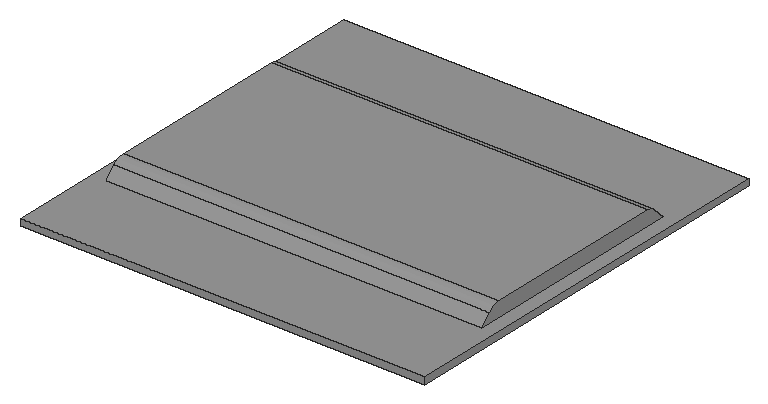
Revit family "IVLB_PML_LF_Flexcore 60x60_Plastic", category Lighting Fixtures, Revit 2019
Family settings
  Round Connector Dimension = Use Diameter
  Part Type = Normal
  OmniClass Number = 23.80.70.11.11
  OmniClass Title = General Luminaries, Non Directional
  Work Plane-Based = No
  Always vertical = Yes
  Cut with Voids When Loaded = No
  Light Source = Yes
  Shared = No
  Room Calculation Point = Yes
Parameters (values of type "60x60cm-26-39w-3600-5500lm-3000k-4000k-3cct-ph-sr-driver_6257515690254")
  Wattage Comments = "39W"
  Wattage = 37.0266 W
  built-in parameter 1150110 = 1 (stored number, unit not read)
  Voltage = 230 V
  URL = "https://www.pragmalux.com/"
  Type Comments = ""
  built-in parameter 1114217 = 1 (stored number, unit not read)
  Tilt Angle = 90.00°
  built-in parameter 1150109 = 1 (stored number, unit not read)
  built-in parameter 1150134 = 12
  Symbol_ToScale = yes
  Symbol_RealSize = not(Symbol_ToScale)  # no
  SymbolToScalel_Waterproof [instance] = no
  SymbolToScale_Emergency Lighting [instance] = no
  Switch Code [instance] = ""
  built-in parameter 1150113 = 1 (stored number, unit not read)
  Photometric Web File = "60x60cm-26-39w-3600-5500lm-3000k-4000k-3cct-ph-sr-driver_6257515690254.ies"
  Model = "Flexcore"
  Manufacturer = "Pragmalux - Distrilight"
  built-in parameter 1150105 = 437.68 (stored number, unit not read)
  Lumens = 5500 lm
  Luminaire_Body_Material = Select RGB value
  built-in parameter 1150115 = 1 (stored number, unit not read)
  Luminaire Code [instance] = ""
  Load Classification = Lighting
  built-in parameter 1150137 = (empty or 0)
  built-in parameter 1150139 = (empty or 0)
  built-in parameter 1150112 = 1 (stored number, unit not read)
  built-in parameter 1150114 = 1 (stored number, unit not read)
  Lamp = "LED"
  built-in parameter 1150132 = 2
  built-in parameter 1150102 = (empty or 0)
  built-in parameter 1150107 = 4000 (stored number, unit not read)
  built-in parameter 1150138 = (empty or 0)
  built-in parameter 1150106 = 4.3768 (stored number, unit not read)
  IfcExportType = "USERDEFINED"
  IfcExportAs = "IfcLightFixtureType"
  IP Value = "IP44"
  IK Value = "IK02"
  Emit from Rectangle Width = 595 mm
  Emit from Rectangle Length = 595 mm
  Emit Shape Visible in Rendering = no
  built-in parameter 1150104 = 13.8 (stored number, unit not read)
  Dimming Lamp Color Temperature Shift = <None>
  Description = "Recessed"
  Content Creator = "www.ivlibrary.com"
  Color Filter = 16777215
  built-in parameter 1114218 = 1 (stored number, unit not read)
  built-in parameter 1150133 = 10 (stored number, unit not read)
  Assembly Code = "63.0"
  Apparent Load = 39 VA
Types (7, lengths in mm): name | Photometric Web File
  60x60cm-26-39w-3600-5500lm-3000k-3500k-4000k-3cct-cri90-ugr19-driver_6257515689256 | "60x60cm-26-39w-3600-5500lm-3000k-3500k-4000k-3cct-cri90-ugr19-driver_6257515689256.ies"
  60x60cm-26-39w-3600-5500lm-3000k-3500k-4000k-3cct-cri90-ugr19-driver_6257515689258 | "60x60cm-26-39w-3600-5500lm-3000k-3500k-4000k-3cct-cri90-ugr19-driver_6257515689258.ies"
  60x60cm-26-39w-3600-5500lm-3000k-3500k-4000k-3cct-cri90-ugr19-philips-driver_6257515689256 | "60x60cm-26-39w-3600-5500lm-3000k-3500k-4000k-3cct-cri90-ugr19-philips-driver_6257515689256.ies"
  60x60cm-26-39w-3600-5500lm-3000k-3500k-4000k-3cct-cri90-ugr19-zw-driver_6257515689257 | "60x60cm-26-39w-3600-5500lm-3000k-3500k-4000k-3cct-cri90-ugr19-zw-driver_6257515689257.ies"
  60x60cm-26-39w-3600-5500lm-3000k-3500k-4000k-3cct-cri90-ugr19-zw-philips-driver_6257515689257 | "60x60cm-26-39w-3600-5500lm-3000k-3500k-4000k-3cct-cri90-ugr19-zw-philips-driver_6257515689257.ies"
  60x60cm-26-39w-3600-5500lm-3000k-4000k-3cct-cri90-ugr19-universele-driver_6257515689256 | "60x60cm-26-39w-3600-5500lm-3000k-4000k-3cct-cri90-ugr19-universele-driver_6257515689256.ies"
  60x60cm-26-39w-3600-5500lm-3000k-4000k-3cct-ph-sr-driver_6257515690254 | "60x60cm-26-39w-3600-5500lm-3000k-4000k-3cct-ph-sr-driver_6257515690254.ies"
Reference planes
  plane 1 "Center (Front/Back)": y = 0
  plane 2: z = 0
  plane 3 "Center (Left/Right)": x = 0
Lines and regions (mm)
  symbolic lines, visible <- "Symbol_RealSize"
    curve 1: line (-297.5, 297.5, 0) -> (297.5, 297.5, 0)
    curve 2: line (-297.5, -297.5, 0) -> (-297.5, 297.5, 0)
    curve 3: line (297.5, -297.5, 0) -> (-297.5, -297.5, 0)
    curve 4: line (297.5, 297.5, 0) -> (297.5, -297.5, 0)
Dimensions and locks
  aligned and locked: level to plane 2
Nested families
  nested 1: "Symbol_ToScale" at (0, 0, 0), Emergency Lighting <- "SymbolToScale_Emergency Lighting", Waterproof <- "SymbolToScalel_Waterproof", visible <- "Symbol_ToScale", type "Symbol 350mm"
    with Waterproof no, Wall mounted no, Lighting Fixture yes, Emergency Lighting no
  nested 2: "Flexcore" at (0, 0, 8.75) x (0, -1, 0) z (0, 0, 1), Housing_Material <- "Luminaire_Body_Material", type "Flexcore"
    with Housing_Material Select RGB value
Connectors
  electrical at (0, 0, 0), driven by "Apparent Load", driven by "Load Classification", driven by "Voltage"
    settings: index 1, voltage 230 V, apparent load 0 VA, apparent load phase1 39 VA, apparent load phase2 0 VA, apparent load phase3 0 VA, power factor 1, load classification "Lighting", number of poles 1, system type 31, power factor state 1, is connector primary yes, connector utility no, sub classification motor no, connector description ""
Definition of nested family "Flexcore"
  Parameters (values of type "Dura")
    URL = ""
    Type Comments = ""
    Model = "VenusG2"
    Manufacturer = "Pragmalux"
    Housing_Material [instance] = none
    Description = "Surface Mounted"
    Default Elevation = 1219.2 mm
    Copyright © IVLighting = "www.ivlibrary.com"
    Assembly Code = "63.0"
  Reference planes
    plane 1 "Center (Front/Back)": y = 0
    plane 2: z = 0
    plane 3 "Center (Left/Right)": x = 0
  Forms (mm)
    Extrusion 1, solid, material <- "Housing_Material"
      sketch origin (0, 0, 0) x (1, 0, 0) y (0, 1, 0)
        loop
          line (-297.5, 297.5) -> (-297.5, -297.5) -> (297.5, -297.5) -> (297.5, 297.5) -> (-297.5, 297.5)
      from -10 to 0
    Extrusion 2, void
      sketch origin (0, 0, 0) x (1, 0, 0) y (0, 1, 0)
        loop
          line (-164.811, 274.677) -> (-164.811, -273.448) -> (-74.811, -273.448) -> (-74.811, 274.677) -> (-164.811, 274.677)
        loop
          line (164.811, 274.677) -> (74.811, 274.677) -> (74.811, -273.448) -> (164.811, -273.448) -> (164.811, 274.677)
      from -10 to 0
    Extrusion 3, solid
      sketch origin (0, 0, 0) x (1, 0, 0) y (0, 1, 0)
        loop
          line (-164.811, 274.677) -> (-164.811, -273.448) -> (-74.811, -273.448) -> (-74.811, 274.677) -> (-164.811, 274.677)
        loop
          line (74.811, 274.677) -> (74.811, -273.448) -> (164.811, -273.448) -> (164.811, 274.677) -> (74.811, 274.677)
      from -10 to 0
    Extrusion 4, solid, material <- "Housing_Material"
      sketch origin (0, 0, 0) x (1, 0, 0) y (0, 0, 1)
        loop
          line (-166.061, 0) -> (166.365, 0) -> (152.474, 13.891)
          arc (152.474, 13.891) -> (144.363, 19.31) -> (134.796, 21.213) r 25
          line (134.796, 21.213) -> (-137.897, 21.213)
          arc (-137.897, 21.213) -> (-144.319, 19.936) -> (-149.763, 16.298) r 16.781
          line (-149.763, 16.298) -> (-166.061, 0)
      from -276.809 to 276.057
  Cuts and joins
    Extrusion 2 cuts Extrusion 1
    joined: Extrusion 1, Extrusion 4
  Dimensions and locks
    aligned and locked: level to plane 2
Definition of nested family "Symbol_ToScale"
  Parameters (values of type "Symbol 350mm")
    Waterproof [instance] = no
    Wall mounted [instance] = no
    Lighting Fixture [instance] = yes
    Emergency Lighting [instance] = no
  Reference planes
    plane 1: y = 0
    plane 2: x = 0
  Lines and regions (mm)
    Filled region 1, type "Filled region 1", visible <- "Emergency Lighting"
      outline origin (0, 0, 0) x (1, 0, 0) y (0, 1, 0)
        loop
          line (-2.975, -2.975) -> (0, 0) -> (-2.975, 2.975) -> (-2.975, -2.975)
    Filled region 2, type "Filled region 1", visible <- "Emergency Lighting"
      outline origin (0, 0, 0) x (0, 1, 0) y (-1, 0, 0)
        loop
          line (-2.975, -2.975) -> (2.975, -2.975) -> (0, 0) -> (-2.975, -2.975)
    Filled region 3, type "Filled region 1", visible <- "Waterproof"
      outline origin (0, 0, 0) x (1, 0, 0) y (0, 1, 0)
        loop
          line (-2.975, -2.975) -> (2.975, -2.975) -> (2.975, -1.45) -> (-2.975, -1.45) -> (-2.975, -2.975)
    detail lines
      curve 1: line (-2.975, 2.975, 0) -> (2.975, 2.975, 0)
      curve 2: line (2.975, 2.975, 0) -> (2.975, -2.975, 0)
      curve 3: line (2.975, -2.975, 0) -> (-2.975, -2.975, 0)
      curve 4: line (-2.975, -2.975, 0) -> (-2.975, 2.975, 0)
